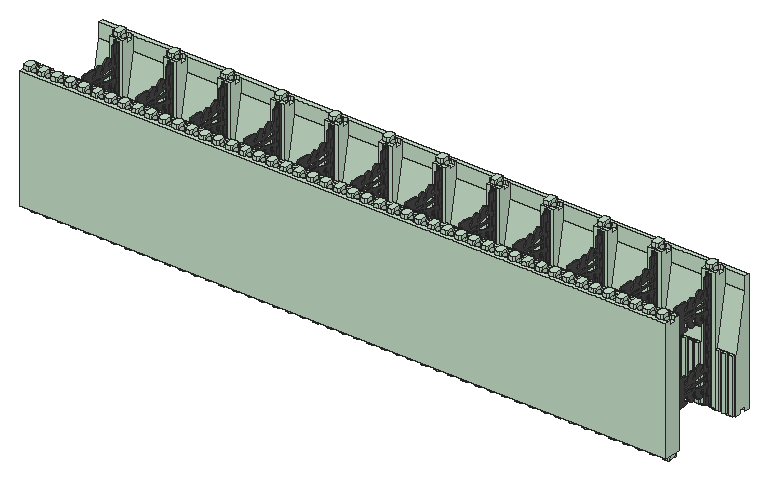
Revit family "ICF- NUDURA 10-inch- Single Sided Taper Top- Imperial", category Generic Models, Revit 2010
Parameters (values of type "Standard 6" Form Unit")
  Core Thickness = 0' - 6"
Reference planes (in)
  plane 1 "Center (Front/Back)": y = -2
  plane 2: z = 0
  plane 3 "Center (Left/Right)": x = 0
  plane 4: x = 96
  plane 5: y = 3
  plane 6: y = -7
  plane 7: y = 5.625
  plane 8: y = -9.625
  plane 9: z = 18
  plane 10: z = 18.5
  plane 11: z = -0.5
Forms (in)
  Extrusion 1, solid, material "NUDURA Expanded Polystyrene Foam Insulation"
    sketch origin (0, -4, 0) x (1, 0, 0) y (0, 1, 0)
      loop
        line (0.28117, -3.25) -> (0, -3.25) -> (0, -5.625) -> (96, -5.625) -> (96, -3.25) -> (95.71883, -3.25) -> (95.78117, -3) -> (95.21883, -3) -> (95.28117, -3.25) -> (94.71883, -3.25) -> (94.78117, -3) -> (94.21883, -3) -> (94.28117, -3.25) -> (93.71883, -3.25) -> (93.78117, -3) -> (93.21883, -3) -> (93.28117, -3.25) -> (90.71883, -3.25) -> (90.78117, -3) -> (90.21883, -3) -> (90.28117, -3.25) -> (89.71883, -3.25) -> (89.78117, -3) -> (89.21883, -3) -> (89.28117, -3.25) -> (88.71883, -3.25) -> (88.78117, -3) -> (88.21883, -3) -> (88.28117, -3.25) -> (87.71883, -3.25) -> (87.78117, -3) -> (87.21883, -3) -> (87.28117, -3.25) -> (86.71883, -3.25) -> (86.78117, -3) -> (86.21883, -3) -> (86.28117, -3.25) -> (85.71883, -3.25) -> (85.78117, -3) -> (85.21883, -3) -> (85.28117, -3.25) -> (82.71883, -3.25) -> (82.78117, -3) -> (82.21883, -3) -> (82.28117, -3.25) -> (81.71883, -3.25) -> (81.78117, -3) -> (81.21883, -3) -> (81.28117, -3.25) -> (80.71883, -3.25) -> (80.78117, -3) -> (80.21883, -3) -> (80.28117, -3.25) -> (79.71883, -3.25) -> (79.78117, -3) -> (79.21883, -3) -> (79.28117, -3.25) -> (78.71883, -3.25) -> (78.78117, -3) -> (78.21883, -3) -> (78.28117, -3.25) -> (77.71883, -3.25) -> (77.78117, -3) -> (77.21883, -3) -> (77.28117, -3.25) -> (74.71883, -3.25) -> (74.78117, -3) -> (74.21883, -3) -> (74.28117, -3.25) -> (73.71883, -3.25) -> (73.78117, -3) -> (73.21883, -3) -> (73.28117, -3.25) -> (72.71883, -3.25) -> (72.78117, -3) -> (72.21883, -3) -> (72.28117, -3.25) -> (71.71883, -3.25) -> (71.78117, -3) -> (71.21883, -3) -> (71.28117, -3.25) -> (70.71883, -3.25) -> (70.78117, -3) -> (70.21883, -3) -> (70.28117, -3.25) -> (69.71883, -3.25) -> (69.78117, -3) -> (69.21883, -3) -> (69.28117, -3.25) -> (66.71883, -3.25) -> (66.78117, -3) -> (66.21883, -3) -> (66.28117, -3.25) -> (65.71883, -3.25) -> (65.78117, -3) -> (65.21883, -3) -> (65.28117, -3.25) -> (64.71883, -3.25) -> (64.78117, -3) -> (64.21883, -3) -> (64.28117, -3.25) -> (63.71883, -3.25) -> (63.78117, -3) -> (63.21883, -3) -> (63.28117, -3.25) -> (62.71883, -3.25) -> (62.78117, -3) -> (62.21883, -3) -> (62.28117, -3.25) -> (61.71883, -3.25) -> (61.78117, -3) -> (61.21883, -3) -> (61.28117, -3.25) -> (58.71883, -3.25) -> (58.78117, -3) -> (58.21883, -3) -> (58.28117, -3.25) -> (57.71883, -3.25) -> (57.78117, -3) -> (57.21883, -3) -> (57.28117, -3.25) -> (56.71883, -3.25) -> (56.78117, -3) -> (56.21883, -3) -> (56.28117, -3.25) -> (55.71883, -3.25) -> (55.78117, -3) -> (55.21883, -3) -> (55.28117, -3.25) -> (54.71883, -3.25) -> (54.78117, -3) -> (54.21883, -3) -> (54.28117, -3.25) -> (53.71883, -3.25) -> (53.78117, -3) -> (53.21883, -3) -> (53.28117, -3.25) -> (50.71883, -3.25) -> (50.78117, -3) -> (50.21883, -3) -> (50.28117, -3.25) -> (49.71883, -3.25) -> (49.78117, -3) -> (49.21883, -3) -> (49.28117, -3.25) -> (48.71883, -3.25) -> (48.78117, -3) -> (48.21883, -3) -> (48.28117, -3.25) -> (47.71883, -3.25) -> (47.78117, -3) -> (47.21883, -3) -> (47.28117, -3.25) -> (46.71883, -3.25) -> (46.78117, -3) -> (46.21883, -3) -> (46.28117, -3.25) -> (45.71883, -3.25) -> (45.78117, -3) -> (45.21883, -3) -> (45.28117, -3.25) -> (42.71883, -3.25) -> (42.78117, -3) -> (42.21883, -3) -> (42.28117, -3.25) -> (41.71883, -3.25) -> (41.78117, -3) -> (41.21883, -3) -> (41.28117, -3.25) -> (40.71883, -3.25) -> (40.78117, -3) -> (40.21883, -3) -> (40.28117, -3.25) -> (39.71883, -3.25) -> (39.78117, -3) -> (39.21883, -3) -> (39.28117, -3.25) -> (38.71883, -3.25) -> (38.78117, -3) -> (38.21883, -3) -> (38.28117, -3.25) -> (37.71883, -3.25) -> (37.78117, -3) -> (37.21883, -3) -> (37.28117, -3.25) -> (34.71883, -3.25) -> (34.78117, -3) -> (34.21883, -3) -> (34.28117, -3.25) -> (33.71883, -3.25) -> (33.78117, -3) -> (33.21883, -3) -> (33.28117, -3.25) -> (32.71883, -3.25) -> (32.78117, -3) -> (32.21883, -3) -> (32.28117, -3.25) -> (31.71883, -3.25) -> (31.78117, -3) -> (31.21883, -3) -> (31.28117, -3.25) -> (30.71883, -3.25) -> (30.78117, -3) -> (30.21883, -3) -> (30.28117, -3.25) -> (29.71883, -3.25) -> (29.78117, -3) -> (29.21883, -3) -> (29.28117, -3.25) -> (26.71883, -3.25) -> (26.78117, -3) -> (26.21883, -3) -> (26.28117, -3.25) -> (25.71883, -3.25) -> (25.78117, -3) -> (25.21883, -3) -> (25.28117, -3.25) -> (24.71883, -3.25) -> (24.78117, -3) -> (24.21883, -3) -> (24.28117, -3.25) -> (23.71883, -3.25) -> (23.78117, -3) -> (23.21883, -3) -> (23.28117, -3.25) -> (22.71883, -3.25) -> (22.78117, -3) -> (22.21883, -3) -> (22.28117, -3.25) -> (21.71883, -3.25) -> (21.78117, -3) -> (21.21883, -3) -> (21.28117, -3.25) -> (18.71883, -3.25) -> (18.78117, -3) -> (18.21883, -3) -> (18.28117, -3.25) -> (17.71883, -3.25) -> (17.78117, -3) -> (17.21883, -3) -> (17.28117, -3.25) -> (16.71883, -3.25) -> (16.78117, -3) -> (16.21883, -3) -> (16.28117, -3.25) -> (15.71883, -3.25) -> (15.78117, -3) -> (15.21883, -3) -> (15.28117, -3.25) -> (14.71883, -3.25) -> (14.78117, -3) -> (14.21883, -3) -> (14.28117, -3.25) -> (13.71883, -3.25) -> (13.78117, -3) -> (13.21883, -3) -> (13.28117, -3.25) -> (10.71883, -3.25) -> (10.78117, -3) -> (10.21883, -3) -> (10.28117, -3.25) -> (9.71883, -3.25) -> (9.78117, -3) -> (9.21883, -3) -> (9.28117, -3.25) -> (8.71883, -3.25) -> (8.78117, -3) -> (8.21883, -3) -> (8.28117, -3.25) -> (7.71883, -3.25) -> (7.78117, -3) -> (7.21883, -3) -> (7.28117, -3.25) -> (6.71883, -3.25) -> (6.78117, -3) -> (6.21883, -3) -> (6.28117, -3.25) -> (5.71883, -3.25) -> (5.78117, -3) -> (5.21883, -3) -> (5.28117, -3.25) -> (2.71883, -3.25) -> (2.78117, -3) -> (2.21883, -3) -> (2.28117, -3.25) -> (1.71883, -3.25) -> (1.78117, -3) -> (1.21883, -3) -> (1.28117, -3.25) -> (0.71883, -3.25) -> (0.78117, -3) -> (0.21883, -3) -> (0.28117, -3.25)
    from 0 to 18
  Extrusion 2, void
    sketch origin (0, -4, 0) x (1, 0, 0) y (0, 1, 0)
      loop
        arc (1, -4.89808) -> (1.04785, -5.04517) -> (1.17308, -5.13595) r 0.25
        arc (1.17308, -5.13595) -> (1.5, -5.1875) -> (1.82692, -5.13595) r 1.0625
        arc (1.82692, -5.13595) -> (1.95215, -5.04517) -> (2, -4.89808) r 0.25
        line (2, -4.89808) -> (2, -3.97692)
        arc (2, -3.97692) -> (1.98276, -3.88568) -> (1.9334, -3.80702) r 0.25
        arc (1.9334, -3.80702) -> (1.92106, -3.78736) -> (1.91675, -3.76455) r 0.0625
        line (1.91675, -3.76455) -> (1.91675, -3.41845) -> (1.74592, -3.41845) -> (1.74592, -3.64005)
        arc (1.74592, -3.64005) -> (1.72385, -3.68771) -> (1.67323, -3.70172) r 0.0625
        arc (1.67323, -3.70172) -> (1.42092, -3.69045) -> (1.17308, -3.73905) r 1.0625
        arc (1.17308, -3.73905) -> (1.04785, -3.82983) -> (1, -3.97692) r 0.25
        line (1, -3.97692) -> (1, -4.89808)
    from 18 to 17.5
  Extrusion 3, void
    sketch origin (2, -4, 0) x (1, 0, 0) y (0, 1, 0)
      loop
        arc (1, -4.89808) -> (1.04785, -5.04517) -> (1.17308, -5.13595) r 0.25
        arc (1.17308, -5.13595) -> (1.5, -5.1875) -> (1.82692, -5.13595) r 1.0625
        arc (1.82692, -5.13595) -> (1.95215, -5.04517) -> (2, -4.89808) r 0.25
        line (2, -4.89808) -> (2, -3.97692)
        arc (2, -3.97692) -> (1.98276, -3.88568) -> (1.9334, -3.80702) r 0.25
        arc (1.9334, -3.80702) -> (1.92106, -3.78736) -> (1.91675, -3.76455) r 0.0625
        line (1.91675, -3.76455) -> (1.91675, -3.41845) -> (1.74592, -3.41845) -> (1.74592, -3.64005)
        arc (1.74592, -3.64005) -> (1.72385, -3.68771) -> (1.67323, -3.70172) r 0.0625
        arc (1.67323, -3.70172) -> (1.42092, -3.69045) -> (1.17308, -3.73905) r 1.0625
        arc (1.17308, -3.73905) -> (1.04785, -3.82983) -> (1, -3.97692) r 0.25
        line (1, -3.97692) -> (1, -4.89808)
    from 18 to 17.5
  Extrusion 4, void
    sketch origin (4, -4, 0) x (1, 0, 0) y (0, 1, 0)
      loop
        arc (1, -4.89808) -> (1.04785, -5.04517) -> (1.17308, -5.13595) r 0.25
        arc (1.17308, -5.13595) -> (1.5, -5.1875) -> (1.82692, -5.13595) r 1.0625
        arc (1.82692, -5.13595) -> (1.95215, -5.04517) -> (2, -4.89808) r 0.25
        line (2, -4.89808) -> (2, -3.97692)
        arc (2, -3.97692) -> (1.98276, -3.88568) -> (1.9334, -3.80702) r 0.25
        arc (1.9334, -3.80702) -> (1.92106, -3.78736) -> (1.91675, -3.76455) r 0.0625
        line (1.91675, -3.76455) -> (1.91675, -3.41845) -> (1.74592, -3.41845) -> (1.74592, -3.64005)
        arc (1.74592, -3.64005) -> (1.72385, -3.68771) -> (1.67323, -3.70172) r 0.0625
        arc (1.67323, -3.70172) -> (1.42092, -3.69045) -> (1.17308, -3.73905) r 1.0625
        arc (1.17308, -3.73905) -> (1.04785, -3.82983) -> (1, -3.97692) r 0.25
        line (1, -3.97692) -> (1, -4.89808)
    from 18 to 17.5
  Extrusion 5, void
    sketch origin (6, -4, 0) x (1, 0, 0) y (0, 1, 0)
      loop
        arc (1, -4.89808) -> (1.04785, -5.04517) -> (1.17308, -5.13595) r 0.25
        arc (1.17308, -5.13595) -> (1.5, -5.1875) -> (1.82692, -5.13595) r 1.0625
        arc (1.82692, -5.13595) -> (1.95215, -5.04517) -> (2, -4.89808) r 0.25
        line (2, -4.89808) -> (2, -3.97692)
        arc (2, -3.97692) -> (1.98276, -3.88568) -> (1.9334, -3.80702) r 0.25
        arc (1.9334, -3.80702) -> (1.92106, -3.78736) -> (1.91675, -3.76455) r 0.0625
        line (1.91675, -3.76455) -> (1.91675, -3.41845) -> (1.74592, -3.41845) -> (1.74592, -3.64005)
        arc (1.74592, -3.64005) -> (1.72385, -3.68771) -> (1.67323, -3.70172) r 0.0625
        arc (1.67323, -3.70172) -> (1.42092, -3.69045) -> (1.17308, -3.73905) r 1.0625
        arc (1.17308, -3.73905) -> (1.04785, -3.82983) -> (1, -3.97692) r 0.25
        line (1, -3.97692) -> (1, -4.89808)
    from 18 to 17.5
  Extrusion 6, void
    sketch origin (8, -4, 0) x (1, 0, 0) y (0, 1, 0)
      loop
        arc (1, -4.89808) -> (1.04785, -5.04517) -> (1.17308, -5.13595) r 0.25
        arc (1.17308, -5.13595) -> (1.5, -5.1875) -> (1.82692, -5.13595) r 1.0625
        arc (1.82692, -5.13595) -> (1.95215, -5.04517) -> (2, -4.89808) r 0.25
        line (2, -4.89808) -> (2, -3.97692)
        arc (2, -3.97692) -> (1.98276, -3.88568) -> (1.9334, -3.80702) r 0.25
        arc (1.9334, -3.80702) -> (1.92106, -3.78736) -> (1.91675, -3.76455) r 0.0625
        line (1.91675, -3.76455) -> (1.91675, -3.41845) -> (1.74592, -3.41845) -> (1.74592, -3.64005)
        arc (1.74592, -3.64005) -> (1.72385, -3.68771) -> (1.67323, -3.70172) r 0.0625
        arc (1.67323, -3.70172) -> (1.42092, -3.69045) -> (1.17308, -3.73905) r 1.0625
        arc (1.17308, -3.73905) -> (1.04785, -3.82983) -> (1, -3.97692) r 0.25
        line (1, -3.97692) -> (1, -4.89808)
    from 18 to 17.5
  Extrusion 7, void
    sketch origin (10, -4, 0) x (1, 0, 0) y (0, 1, 0)
      loop
        arc (1, -4.89808) -> (1.04785, -5.04517) -> (1.17308, -5.13595) r 0.25
        arc (1.17308, -5.13595) -> (1.5, -5.1875) -> (1.82692, -5.13595) r 1.0625
        arc (1.82692, -5.13595) -> (1.95215, -5.04517) -> (2, -4.89808) r 0.25
        line (2, -4.89808) -> (2, -3.97692)
        arc (2, -3.97692) -> (1.98276, -3.88568) -> (1.9334, -3.80702) r 0.25
        arc (1.9334, -3.80702) -> (1.92106, -3.78736) -> (1.91675, -3.76455) r 0.0625
        line (1.91675, -3.76455) -> (1.91675, -3.41845) -> (1.74592, -3.41845) -> (1.74592, -3.64005)
        arc (1.74592, -3.64005) -> (1.72385, -3.68771) -> (1.67323, -3.70172) r 0.0625
        arc (1.67323, -3.70172) -> (1.42092, -3.69045) -> (1.17308, -3.73905) r 1.0625
        arc (1.17308, -3.73905) -> (1.04785, -3.82983) -> (1, -3.97692) r 0.25
        line (1, -3.97692) -> (1, -4.89808)
    from 18 to 17.5
  Extrusion 8, void
    sketch origin (12, -4, 0) x (1, 0, 0) y (0, 1, 0)
      loop
        arc (1, -4.89808) -> (1.04785, -5.04517) -> (1.17308, -5.13595) r 0.25
        arc (1.17308, -5.13595) -> (1.5, -5.1875) -> (1.82692, -5.13595) r 1.0625
        arc (1.82692, -5.13595) -> (1.95215, -5.04517) -> (2, -4.89808) r 0.25
        line (2, -4.89808) -> (2, -3.97692)
        arc (2, -3.97692) -> (1.98276, -3.88568) -> (1.9334, -3.80702) r 0.25
        arc (1.9334, -3.80702) -> (1.92106, -3.78736) -> (1.91675, -3.76455) r 0.0625
        line (1.91675, -3.76455) -> (1.91675, -3.41845) -> (1.74592, -3.41845) -> (1.74592, -3.64005)
        arc (1.74592, -3.64005) -> (1.72385, -3.68771) -> (1.67323, -3.70172) r 0.0625
        arc (1.67323, -3.70172) -> (1.42092, -3.69045) -> (1.17308, -3.73905) r 1.0625
        arc (1.17308, -3.73905) -> (1.04785, -3.82983) -> (1, -3.97692) r 0.25
        line (1, -3.97692) -> (1, -4.89808)
    from 18 to 17.5
  Extrusion 9, void
    sketch origin (14, -4, 0) x (1, 0, 0) y (0, 1, 0)
      loop
        arc (1, -4.89808) -> (1.04785, -5.04517) -> (1.17308, -5.13595) r 0.25
        arc (1.17308, -5.13595) -> (1.5, -5.1875) -> (1.82692, -5.13595) r 1.0625
        arc (1.82692, -5.13595) -> (1.95215, -5.04517) -> (2, -4.89808) r 0.25
        line (2, -4.89808) -> (2, -3.97692)
        arc (2, -3.97692) -> (1.98276, -3.88568) -> (1.9334, -3.80702) r 0.25
        arc (1.9334, -3.80702) -> (1.92106, -3.78736) -> (1.91675, -3.76455) r 0.0625
        line (1.91675, -3.76455) -> (1.91675, -3.41845) -> (1.74592, -3.41845) -> (1.74592, -3.64005)
        arc (1.74592, -3.64005) -> (1.72385, -3.68771) -> (1.67323, -3.70172) r 0.0625
        arc (1.67323, -3.70172) -> (1.42092, -3.69045) -> (1.17308, -3.73905) r 1.0625
        arc (1.17308, -3.73905) -> (1.04785, -3.82983) -> (1, -3.97692) r 0.25
        line (1, -3.97692) -> (1, -4.89808)
    from 18 to 17.5
  Extrusion 10, void
    sketch origin (16, -4, 0) x (1, 0, 0) y (0, 1, 0)
      loop
        arc (1, -4.89808) -> (1.04785, -5.04517) -> (1.17308, -5.13595) r 0.25
        arc (1.17308, -5.13595) -> (1.5, -5.1875) -> (1.82692, -5.13595) r 1.0625
        arc (1.82692, -5.13595) -> (1.95215, -5.04517) -> (2, -4.89808) r 0.25
        line (2, -4.89808) -> (2, -3.97692)
        arc (2, -3.97692) -> (1.98276, -3.88568) -> (1.9334, -3.80702) r 0.25
        arc (1.9334, -3.80702) -> (1.92106, -3.78736) -> (1.91675, -3.76455) r 0.0625
        line (1.91675, -3.76455) -> (1.91675, -3.41845) -> (1.74592, -3.41845) -> (1.74592, -3.64005)
        arc (1.74592, -3.64005) -> (1.72385, -3.68771) -> (1.67323, -3.70172) r 0.0625
        arc (1.67323, -3.70172) -> (1.42092, -3.69045) -> (1.17308, -3.73905) r 1.0625
        arc (1.17308, -3.73905) -> (1.04785, -3.82983) -> (1, -3.97692) r 0.25
        line (1, -3.97692) -> (1, -4.89808)
    from 18 to 17.5
  Extrusion 11, void
    sketch origin (18, -4, 0) x (1, 0, 0) y (0, 1, 0)
      loop
        arc (1, -4.89808) -> (1.04785, -5.04517) -> (1.17308, -5.13595) r 0.25
        arc (1.17308, -5.13595) -> (1.5, -5.1875) -> (1.82692, -5.13595) r 1.0625
        arc (1.82692, -5.13595) -> (1.95215, -5.04517) -> (2, -4.89808) r 0.25
        line (2, -4.89808) -> (2, -3.97692)
        arc (2, -3.97692) -> (1.98276, -3.88568) -> (1.9334, -3.80702) r 0.25
        arc (1.9334, -3.80702) -> (1.92106, -3.78736) -> (1.91675, -3.76455) r 0.0625
        line (1.91675, -3.76455) -> (1.91675, -3.41845) -> (1.74592, -3.41845) -> (1.74592, -3.64005)
        arc (1.74592, -3.64005) -> (1.72385, -3.68771) -> (1.67323, -3.70172) r 0.0625
        arc (1.67323, -3.70172) -> (1.42092, -3.69045) -> (1.17308, -3.73905) r 1.0625
        arc (1.17308, -3.73905) -> (1.04785, -3.82983) -> (1, -3.97692) r 0.25
        line (1, -3.97692) -> (1, -4.89808)
    from 18 to 17.5
  Extrusion 12, void
    sketch origin (20, -4, 0) x (1, 0, 0) y (0, 1, 0)
      loop
        arc (1, -4.89808) -> (1.04785, -5.04517) -> (1.17308, -5.13595) r 0.25
        arc (1.17308, -5.13595) -> (1.5, -5.1875) -> (1.82692, -5.13595) r 1.0625
        arc (1.82692, -5.13595) -> (1.95215, -5.04517) -> (2, -4.89808) r 0.25
        line (2, -4.89808) -> (2, -3.97692)
        arc (2, -3.97692) -> (1.98276, -3.88568) -> (1.9334, -3.80702) r 0.25
        arc (1.9334, -3.80702) -> (1.92106, -3.78736) -> (1.91675, -3.76455) r 0.0625
        line (1.91675, -3.76455) -> (1.91675, -3.41845) -> (1.74592, -3.41845) -> (1.74592, -3.64005)
        arc (1.74592, -3.64005) -> (1.72385, -3.68771) -> (1.67323, -3.70172) r 0.0625
        arc (1.67323, -3.70172) -> (1.42092, -3.69045) -> (1.17308, -3.73905) r 1.0625
        arc (1.17308, -3.73905) -> (1.04785, -3.82983) -> (1, -3.97692) r 0.25
        line (1, -3.97692) -> (1, -4.89808)
    from 18 to 17.5
  Extrusion 13, void
    sketch origin (22, -4, 0) x (1, 0, 0) y (0, 1, 0)
      loop
        arc (1, -4.89808) -> (1.04785, -5.04517) -> (1.17308, -5.13595) r 0.25
        arc (1.17308, -5.13595) -> (1.5, -5.1875) -> (1.82692, -5.13595) r 1.0625
        arc (1.82692, -5.13595) -> (1.95215, -5.04517) -> (2, -4.89808) r 0.25
        line (2, -4.89808) -> (2, -3.97692)
        arc (2, -3.97692) -> (1.98276, -3.88568) -> (1.9334, -3.80702) r 0.25
        arc (1.9334, -3.80702) -> (1.92106, -3.78736) -> (1.91675, -3.76455) r 0.0625
        line (1.91675, -3.76455) -> (1.91675, -3.41845) -> (1.74592, -3.41845) -> (1.74592, -3.64005)
        arc (1.74592, -3.64005) -> (1.72385, -3.68771) -> (1.67323, -3.70172) r 0.0625
        arc (1.67323, -3.70172) -> (1.42092, -3.69045) -> (1.17308, -3.73905) r 1.0625
        arc (1.17308, -3.73905) -> (1.04785, -3.82983) -> (1, -3.97692) r 0.25
        line (1, -3.97692) -> (1, -4.89808)
    from 18 to 17.5
  Extrusion 14, void
    sketch origin (24, -4, 0) x (1, 0, 0) y (0, 1, 0)
      loop
        arc (1, -4.89808) -> (1.04785, -5.04517) -> (1.17308, -5.13595) r 0.25
        arc (1.17308, -5.13595) -> (1.5, -5.1875) -> (1.82692, -5.13595) r 1.0625
        arc (1.82692, -5.13595) -> (1.95215, -5.04517) -> (2, -4.89808) r 0.25
        line (2, -4.89808) -> (2, -3.97692)
        arc (2, -3.97692) -> (1.98276, -3.88568) -> (1.9334, -3.80702) r 0.25
        arc (1.9334, -3.80702) -> (1.92106, -3.78736) -> (1.91675, -3.76455) r 0.0625
        line (1.91675, -3.76455) -> (1.91675, -3.41845) -> (1.74592, -3.41845) -> (1.74592, -3.64005)
        arc (1.74592, -3.64005) -> (1.72385, -3.68771) -> (1.67323, -3.70172) r 0.0625
        arc (1.67323, -3.70172) -> (1.42092, -3.69045) -> (1.17308, -3.73905) r 1.0625
        arc (1.17308, -3.73905) -> (1.04785, -3.82983) -> (1, -3.97692) r 0.25
        line (1, -3.97692) -> (1, -4.89808)
    from 18 to 17.5
  Extrusion 15, void
    sketch origin (26, -4, 0) x (1, 0, 0) y (0, 1, 0)
      loop
        arc (1, -4.89808) -> (1.04785, -5.04517) -> (1.17308, -5.13595) r 0.25
        arc (1.17308, -5.13595) -> (1.5, -5.1875) -> (1.82692, -5.13595) r 1.0625
        arc (1.82692, -5.13595) -> (1.95215, -5.04517) -> (2, -4.89808) r 0.25
        line (2, -4.89808) -> (2, -3.97692)
        arc (2, -3.97692) -> (1.98276, -3.88568) -> (1.9334, -3.80702) r 0.25
        arc (1.9334, -3.80702) -> (1.92106, -3.78736) -> (1.91675, -3.76455) r 0.0625
        line (1.91675, -3.76455) -> (1.91675, -3.41845) -> (1.74592, -3.41845) -> (1.74592, -3.64005)
        arc (1.74592, -3.64005) -> (1.72385, -3.68771) -> (1.67323, -3.70172) r 0.0625
        arc (1.67323, -3.70172) -> (1.42092, -3.69045) -> (1.17308, -3.73905) r 1.0625
        arc (1.17308, -3.73905) -> (1.04785, -3.82983) -> (1, -3.97692) r 0.25
        line (1, -3.97692) -> (1, -4.89808)
    from 18 to 17.5
  Extrusion 16, void
    sketch origin (28, -4, 0) x (1, 0, 0) y (0, 1, 0)
      loop
        arc (1, -4.89808) -> (1.04785, -5.04517) -> (1.17308, -5.13595) r 0.25
        arc (1.17308, -5.13595) -> (1.5, -5.1875) -> (1.82692, -5.13595) r 1.0625
        arc (1.82692, -5.13595) -> (1.95215, -5.04517) -> (2, -4.89808) r 0.25
        line (2, -4.89808) -> (2, -3.97692)
        arc (2, -3.97692) -> (1.98276, -3.88568) -> (1.9334, -3.80702) r 0.25
        arc (1.9334, -3.80702) -> (1.92106, -3.78736) -> (1.91675, -3.76455) r 0.0625
        line (1.91675, -3.76455) -> (1.91675, -3.41845) -> (1.74592, -3.41845) -> (1.74592, -3.64005)
        arc (1.74592, -3.64005) -> (1.72385, -3.68771) -> (1.67323, -3.70172) r 0.0625
        arc (1.67323, -3.70172) -> (1.42092, -3.69045) -> (1.17308, -3.73905) r 1.0625
        arc (1.17308, -3.73905) -> (1.04785, -3.82983) -> (1, -3.97692) r 0.25
        line (1, -3.97692) -> (1, -4.89808)
    from 18 to 17.5
  Extrusion 17, void
    sketch origin (30, -4, 0) x (1, 0, 0) y (0, 1, 0)
      loop
        arc (1, -4.89808) -> (1.04785, -5.04517) -> (1.17308, -5.13595) r 0.25
        arc (1.17308, -5.13595) -> (1.5, -5.1875) -> (1.82692, -5.13595) r 1.0625
        arc (1.82692, -5.13595) -> (1.95215, -5.04517) -> (2, -4.89808) r 0.25
        line (2, -4.89808) -> (2, -3.97692)
        arc (2, -3.97692) -> (1.98276, -3.88568) -> (1.9334, -3.80702) r 0.25
        arc (1.9334, -3.80702) -> (1.92106, -3.78736) -> (1.91675, -3.76455) r 0.0625
        line (1.91675, -3.76455) -> (1.91675, -3.41845) -> (1.74592, -3.41845) -> (1.74592, -3.64005)
        arc (1.74592, -3.64005) -> (1.72385, -3.68771) -> (1.67323, -3.70172) r 0.0625
        arc (1.67323, -3.70172) -> (1.42092, -3.69045) -> (1.17308, -3.73905) r 1.0625
        arc (1.17308, -3.73905) -> (1.04785, -3.82983) -> (1, -3.97692) r 0.25
        line (1, -3.97692) -> (1, -4.89808)
    from 18 to 17.5
  Extrusion 18, void
    sketch origin (32, -4, 0) x (1, 0, 0) y (0, 1, 0)
      loop
        arc (1, -4.89808) -> (1.04785, -5.04517) -> (1.17308, -5.13595) r 0.25
        arc (1.17308, -5.13595) -> (1.5, -5.1875) -> (1.82692, -5.13595) r 1.0625
        arc (1.82692, -5.13595) -> (1.95215, -5.04517) -> (2, -4.89808) r 0.25
        line (2, -4.89808) -> (2, -3.97692)
        arc (2, -3.97692) -> (1.98276, -3.88568) -> (1.9334, -3.80702) r 0.25
        arc (1.9334, -3.80702) -> (1.92106, -3.78736) -> (1.91675, -3.76455) r 0.0625
        line (1.91675, -3.76455) -> (1.91675, -3.41845) -> (1.74592, -3.41845) -> (1.74592, -3.64005)
        arc (1.74592, -3.64005) -> (1.72385, -3.68771) -> (1.67323, -3.70172) r 0.0625
        arc (1.67323, -3.70172) -> (1.42092, -3.69045) -> (1.17308, -3.73905) r 1.0625
        arc (1.17308, -3.73905) -> (1.04785, -3.82983) -> (1, -3.97692) r 0.25
        line (1, -3.97692) -> (1, -4.89808)
    from 18 to 17.5
  Extrusion 19, void
    sketch origin (34, -4, 0) x (1, 0, 0) y (0, 1, 0)
      loop
        arc (1, -4.89808) -> (1.04785, -5.04517) -> (1.17308, -5.13595) r 0.25
        arc (1.17308, -5.13595) -> (1.5, -5.1875) -> (1.82692, -5.13595) r 1.0625
        arc (1.82692, -5.13595) -> (1.95215, -5.04517) -> (2, -4.89808) r 0.25
        line (2, -4.89808) -> (2, -3.97692)
        arc (2, -3.97692) -> (1.98276, -3.88568) -> (1.9334, -3.80702) r 0.25
        arc (1.9334, -3.80702) -> (1.92106, -3.78736) -> (1.91675, -3.76455) r 0.0625
        line (1.91675, -3.76455) -> (1.91675, -3.41845) -> (1.74592, -3.41845) -> (1.74592, -3.64005)
        arc (1.74592, -3.64005) -> (1.72385, -3.68771) -> (1.67323, -3.70172) r 0.0625
        arc (1.67323, -3.70172) -> (1.42092, -3.69045) -> (1.17308, -3.73905) r 1.0625
        arc (1.17308, -3.73905) -> (1.04785, -3.82983) -> (1, -3.97692) r 0.25
        line (1, -3.97692) -> (1, -4.89808)
    from 18 to 17.5
  Extrusion 20, void
    sketch origin (36, -4, 0) x (1, 0, 0) y (0, 1, 0)
      loop
        arc (1, -4.89808) -> (1.04785, -5.04517) -> (1.17308, -5.13595) r 0.25
        arc (1.17308, -5.13595) -> (1.5, -5.1875) -> (1.82692, -5.13595) r 1.0625
        arc (1.82692, -5.13595) -> (1.95215, -5.04517) -> (2, -4.89808) r 0.25
        line (2, -4.89808) -> (2, -3.97692)
        arc (2, -3.97692) -> (1.98276, -3.88568) -> (1.9334, -3.80702) r 0.25
        arc (1.9334, -3.80702) -> (1.92106, -3.78736) -> (1.91675, -3.76455) r 0.0625
        line (1.91675, -3.76455) -> (1.91675, -3.41845) -> (1.74592, -3.41845) -> (1.74592, -3.64005)
        arc (1.74592, -3.64005) -> (1.72385, -3.68771) -> (1.67323, -3.70172) r 0.0625
        arc (1.67323, -3.70172) -> (1.42092, -3.69045) -> (1.17308, -3.73905) r 1.0625
        arc (1.17308, -3.73905) -> (1.04785, -3.82983) -> (1, -3.97692) r 0.25
        line (1, -3.97692) -> (1, -4.89808)
    from 18 to 17.5
  Extrusion 21, void
    sketch origin (38, -4, 0) x (1, 0, 0) y (0, 1, 0)
      loop
        arc (1, -4.89808) -> (1.04785, -5.04517) -> (1.17308, -5.13595) r 0.25
        arc (1.17308, -5.13595) -> (1.5, -5.1875) -> (1.82692, -5.13595) r 1.0625
        arc (1.82692, -5.13595) -> (1.95215, -5.04517) -> (2, -4.89808) r 0.25
        line (2, -4.89808) -> (2, -3.97692)
        arc (2, -3.97692) -> (1.98276, -3.88568) -> (1.9334, -3.80702) r 0.25
        arc (1.9334, -3.80702) -> (1.92106, -3.78736) -> (1.91675, -3.76455) r 0.0625
        line (1.91675, -3.76455) -> (1.91675, -3.41845) -> (1.74592, -3.41845) -> (1.74592, -3.64005)
        arc (1.74592, -3.64005) -> (1.72385, -3.68771) -> (1.67323, -3.70172) r 0.0625
        arc (1.67323, -3.70172) -> (1.42092, -3.69045) -> (1.17308, -3.73905) r 1.0625
        arc (1.17308, -3.73905) -> (1.04785, -3.82983) -> (1, -3.97692) r 0.25
        line (1, -3.97692) -> (1, -4.89808)
    from 18 to 17.5
  Extrusion 22, void
    sketch origin (40, -4, 0) x (1, 0, 0) y (0, 1, 0)
      loop
        arc (1, -4.89808) -> (1.04785, -5.04517) -> (1.17308, -5.13595) r 0.25
        arc (1.17308, -5.13595) -> (1.5, -5.1875) -> (1.82692, -5.13595) r 1.0625
        arc (1.82692, -5.13595) -> (1.95215, -5.04517) -> (2, -4.89808) r 0.25
        line (2, -4.89808) -> (2, -3.97692)
        arc (2, -3.97692) -> (1.98276, -3.88568) -> (1.9334, -3.80702) r 0.25
        arc (1.9334, -3.80702) -> (1.92106, -3.78736) -> (1.91675, -3.76455) r 0.0625
        line (1.91675, -3.76455) -> (1.91675, -3.41845) -> (1.74592, -3.41845) -> (1.74592, -3.64005)
        arc (1.74592, -3.64005) -> (1.72385, -3.68771) -> (1.67323, -3.70172) r 0.0625
        arc (1.67323, -3.70172) -> (1.42092, -3.69045) -> (1.17308, -3.73905) r 1.0625
        arc (1.17308, -3.73905) -> (1.04785, -3.82983) -> (1, -3.97692) r 0.25
        line (1, -3.97692) -> (1, -4.89808)
    from 18 to 17.5
  Extrusion 23, void
    sketch origin (42, -4, 0) x (1, 0, 0) y (0, 1, 0)
      loop
        arc (1, -4.89808) -> (1.04785, -5.04517) -> (1.17308, -5.13595) r 0.25
        arc (1.17308, -5.13595) -> (1.5, -5.1875) -> (1.82692, -5.13595) r 1.0625
        arc (1.82692, -5.13595) -> (1.95215, -5.04517) -> (2, -4.89808) r 0.25
        line (2, -4.89808) -> (2, -3.97692)
        arc (2, -3.97692) -> (1.98276, -3.88568) -> (1.9334, -3.80702) r 0.25
        arc (1.9334, -3.80702) -> (1.92106, -3.78736) -> (1.91675, -3.76455) r 0.0625
        line (1.91675, -3.76455) -> (1.91675, -3.41845) -> (1.74592, -3.41845) -> (1.74592, -3.64005)
        arc (1.74592, -3.64005) -> (1.72385, -3.68771) -> (1.67323, -3.70172) r 0.0625
        arc (1.67323, -3.70172) -> (1.42092, -3.69045) -> (1.17308, -3.73905) r 1.0625
        arc (1.17308, -3.73905) -> (1.04785, -3.82983) -> (1, -3.97692) r 0.25
        line (1, -3.97692) -> (1, -4.89808)
    from 18 to 17.5
  Extrusion 24, void
    sketch origin (44, -4, 0) x (1, 0, 0) y (0, 1, 0)
      loop
        arc (1, -4.89808) -> (1.04785, -5.04517) -> (1.17308, -5.13595) r 0.25
        arc (1.17308, -5.13595) -> (1.5, -5.1875) -> (1.82692, -5.13595) r 1.0625
        arc (1.82692, -5.13595) -> (1.95215, -5.04517) -> (2, -4.89808) r 0.25
        line (2, -4.89808) -> (2, -3.97692)
        arc (2, -3.97692) -> (1.98276, -3.88568) -> (1.9334, -3.80702) r 0.25
        arc (1.9334, -3.80702) -> (1.92106, -3.78736) -> (1.91675, -3.76455) r 0.0625
        line (1.91675, -3.76455) -> (1.91675, -3.41845) -> (1.74592, -3.41845) -> (1.74592, -3.64005)
        arc (1.74592, -3.64005) -> (1.72385, -3.68771) -> (1.67323, -3.70172) r 0.0625
        arc (1.67323, -3.70172) -> (1.42092, -3.69045) -> (1.17308, -3.73905) r 1.0625
        arc (1.17308, -3.73905) -> (1.04785, -3.82983) -> (1, -3.97692) r 0.25
        line (1, -3.97692) -> (1, -4.89808)
    from 18 to 17.5
  Extrusion 25, void
    sketch origin (46, -4, 0) x (1, 0, 0) y (0, 1, 0)
      loop
        arc (1, -4.89808) -> (1.04785, -5.04517) -> (1.17308, -5.13595) r 0.25
        arc (1.17308, -5.13595) -> (1.5, -5.1875) -> (1.82692, -5.13595) r 1.0625
        arc (1.82692, -5.13595) -> (1.95215, -5.04517) -> (2, -4.89808) r 0.25
        line (2, -4.89808) -> (2, -3.97692)
        arc (2, -3.97692) -> (1.98276, -3.88568) -> (1.9334, -3.80702) r 0.25
        arc (1.9334, -3.80702) -> (1.92106, -3.78736) -> (1.91675, -3.76455) r 0.0625
        line (1.91675, -3.76455) -> (1.91675, -3.41845) -> (1.74592, -3.41845) -> (1.74592, -3.64005)
        arc (1.74592, -3.64005) -> (1.72385, -3.68771) -> (1.67323, -3.70172) r 0.0625
        arc (1.67323, -3.70172) -> (1.42092, -3.69045) -> (1.17308, -3.73905) r 1.0625
        arc (1.17308, -3.73905) -> (1.04785, -3.82983) -> (1, -3.97692) r 0.25
        line (1, -3.97692) -> (1, -4.89808)
    from 18 to 17.5
  Extrusion 26, void
    sketch origin (48, -4, 0) x (1, 0, 0) y (0, 1, 0)
      loop
        arc (1, -4.89808) -> (1.04785, -5.04517) -> (1.17308, -5.13595) r 0.25
        arc (1.17308, -5.13595) -> (1.5, -5.1875) -> (1.82692, -5.13595) r 1.0625
        arc (1.82692, -5.13595) -> (1.95215, -5.04517) -> (2, -4.89808) r 0.25
        line (2, -4.89808) -> (2, -3.97692)
        arc (2, -3.97692) -> (1.98276, -3.88568) -> (1.9334, -3.80702) r 0.25
        arc (1.9334, -3.80702) -> (1.92106, -3.78736) -> (1.91675, -3.76455) r 0.0625
        line (1.91675, -3.76455) -> (1.91675, -3.41845) -> (1.74592, -3.41845) -> (1.74592, -3.64005)
        arc (1.74592, -3.64005) -> (1.72385, -3.68771) -> (1.67323, -3.70172) r 0.0625
        arc (1.67323, -3.70172) -> (1.42092, -3.69045) -> (1.17308, -3.73905) r 1.0625
        arc (1.17308, -3.73905) -> (1.04785, -3.82983) -> (1, -3.97692) r 0.25
        line (1, -3.97692) -> (1, -4.89808)
    from 18 to 17.5
  Extrusion 27, void
    sketch origin (50, -4, 0) x (1, 0, 0) y (0, 1, 0)
      loop
        arc (1, -4.89808) -> (1.04785, -5.04517) -> (1.17308, -5.13595) r 0.25
        arc (1.17308, -5.13595) -> (1.5, -5.1875) -> (1.82692, -5.13595) r 1.0625
        arc (1.82692, -5.13595) -> (1.95215, -5.04517) -> (2, -4.89808) r 0.25
        line (2, -4.89808) -> (2, -3.97692)
        arc (2, -3.97692) -> (1.98276, -3.88568) -> (1.9334, -3.80702) r 0.25
        arc (1.9334, -3.80702) -> (1.92106, -3.78736) -> (1.91675, -3.76455) r 0.0625
        line (1.91675, -3.76455) -> (1.91675, -3.41845) -> (1.74592, -3.41845) -> (1.74592, -3.64005)
        arc (1.74592, -3.64005) -> (1.72385, -3.68771) -> (1.67323, -3.70172) r 0.0625
        arc (1.67323, -3.70172) -> (1.42092, -3.69045) -> (1.17308, -3.73905) r 1.0625
        arc (1.17308, -3.73905) -> (1.04785, -3.82983) -> (1, -3.97692) r 0.25
        line (1, -3.97692) -> (1, -4.89808)
    from 18 to 17.5
  Extrusion 28, void
    sketch origin (52, -4, 0) x (1, 0, 0) y (0, 1, 0)
      loop
        arc (1, -4.89808) -> (1.04785, -5.04517) -> (1.17308, -5.13595) r 0.25
        arc (1.17308, -5.13595) -> (1.5, -5.1875) -> (1.82692, -5.13595) r 1.0625
        arc (1.82692, -5.13595) -> (1.95215, -5.04517) -> (2, -4.89808) r 0.25
        line (2, -4.89808) -> (2, -3.97692)
        arc (2, -3.97692) -> (1.98276, -3.88568) -> (1.9334, -3.80702) r 0.25
        arc (1.9334, -3.80702) -> (1.92106, -3.78736) -> (1.91675, -3.76455) r 0.0625
        line (1.91675, -3.76455) -> (1.91675, -3.41845) -> (1.74592, -3.41845) -> (1.74592, -3.64005)
        arc (1.74592, -3.64005) -> (1.72385, -3.68771) -> (1.67323, -3.70172) r 0.0625
        arc (1.67323, -3.70172) -> (1.42092, -3.69045) -> (1.17308, -3.73905) r 1.0625
        arc (1.17308, -3.73905) -> (1.04785, -3.82983) -> (1, -3.97692) r 0.25
        line (1, -3.97692) -> (1, -4.89808)
    from 18 to 17.5
  Extrusion 29, void
    sketch origin (54, -4, 0) x (1, 0, 0) y (0, 1, 0)
      loop
        arc (1, -4.89808) -> (1.04785, -5.04517) -> (1.17308, -5.13595) r 0.25
        arc (1.17308, -5.13595) -> (1.5, -5.1875) -> (1.82692, -5.13595) r 1.0625
        arc (1.82692, -5.13595) -> (1.95215, -5.04517) -> (2, -4.89808) r 0.25
        line (2, -4.89808) -> (2, -3.97692)
        arc (2, -3.97692) -> (1.98276, -3.88568) -> (1.9334, -3.80702) r 0.25
        arc (1.9334, -3.80702) -> (1.92106, -3.78736) -> (1.91675, -3.76455) r 0.0625
        line (1.91675, -3.76455) -> (1.91675, -3.41845) -> (1.74592, -3.41845) -> (1.74592, -3.64005)
        arc (1.74592, -3.64005) -> (1.72385, -3.68771) -> (1.67323, -3.70172) r 0.0625
        arc (1.67323, -3.70172) -> (1.42092, -3.69045) -> (1.17308, -3.73905) r 1.0625
        arc (1.17308, -3.73905) -> (1.04785, -3.82983) -> (1, -3.97692) r 0.25
        line (1, -3.97692) -> (1, -4.89808)
    from 18 to 17.5
  Extrusion 30, void
    sketch origin (56, -4, 0) x (1, 0, 0) y (0, 1, 0)
      loop
        arc (1, -4.89808) -> (1.04785, -5.04517) -> (1.17308, -5.13595) r 0.25
        arc (1.17308, -5.13595) -> (1.5, -5.1875) -> (1.82692, -5.13595) r 1.0625
        arc (1.82692, -5.13595) -> (1.95215, -5.04517) -> (2, -4.89808) r 0.25
        line (2, -4.89808) -> (2, -3.97692)
        arc (2, -3.97692) -> (1.98276, -3.88568) -> (1.9334, -3.80702) r 0.25
        arc (1.9334, -3.80702) -> (1.92106, -3.78736) -> (1.91675, -3.76455) r 0.0625
        line (1.91675, -3.76455) -> (1.91675, -3.41845) -> (1.74592, -3.41845) -> (1.74592, -3.64005)
        arc (1.74592, -3.64005) -> (1.72385, -3.68771) -> (1.67323, -3.70172) r 0.0625
        arc (1.67323, -3.70172) -> (1.42092, -3.69045) -> (1.17308, -3.73905) r 1.0625
        arc (1.17308, -3.73905) -> (1.04785, -3.82983) -> (1, -3.97692) r 0.25
        line (1, -3.97692) -> (1, -4.89808)
    from 18 to 17.5
  Extrusion 31, void
    sketch origin (58, -4, 0) x (1, 0, 0) y (0, 1, 0)
      loop
        arc (1, -4.89808) -> (1.04785, -5.04517) -> (1.17308, -5.13595) r 0.25
        arc (1.17308, -5.13595) -> (1.5, -5.1875) -> (1.82692, -5.13595) r 1.0625
        arc (1.82692, -5.13595) -> (1.95215, -5.04517) -> (2, -4.89808) r 0.25
        line (2, -4.89808) -> (2, -3.97692)
        arc (2, -3.97692) -> (1.98276, -3.88568) -> (1.9334, -3.80702) r 0.25
        arc (1.9334, -3.80702) -> (1.92106, -3.78736) -> (1.91675, -3.76455) r 0.0625
        line (1.91675, -3.76455) -> (1.91675, -3.41845) -> (1.74592, -3.41845) -> (1.74592, -3.64005)
        arc (1.74592, -3.64005) -> (1.72385, -3.68771) -> (1.67323, -3.70172) r 0.0625
        arc (1.67323, -3.70172) -> (1.42092, -3.69045) -> (1.17308, -3.73905) r 1.0625
        arc (1.17308, -3.73905) -> (1.04785, -3.82983) -> (1, -3.97692) r 0.25
        line (1, -3.97692) -> (1, -4.89808)
    from 18 to 17.5
  Extrusion 32, void
    sketch origin (60, -4, 0) x (1, 0, 0) y (0, 1, 0)
      loop
        arc (1, -4.89808) -> (1.04785, -5.04517) -> (1.17308, -5.13595) r 0.25
        arc (1.17308, -5.13595) -> (1.5, -5.1875) -> (1.82692, -5.13595) r 1.0625
        arc (1.82692, -5.13595) -> (1.95215, -5.04517) -> (2, -4.89808) r 0.25
        line (2, -4.89808) -> (2, -3.97692)
        arc (2, -3.97692) -> (1.98276, -3.88568) -> (1.9334, -3.80702) r 0.25
        arc (1.9334, -3.80702) -> (1.92106, -3.78736) -> (1.91675, -3.76455) r 0.0625
        line (1.91675, -3.76455) -> (1.91675, -3.41845) -> (1.74592, -3.41845) -> (1.74592, -3.64005)
        arc (1.74592, -3.64005) -> (1.72385, -3.68771) -> (1.67323, -3.70172) r 0.0625
        arc (1.67323, -3.70172) -> (1.42092, -3.69045) -> (1.17308, -3.73905) r 1.0625
        arc (1.17308, -3.73905) -> (1.04785, -3.82983) -> (1, -3.97692) r 0.25
        line (1, -3.97692) -> (1, -4.89808)
    from 18 to 17.5
  Extrusion 33, void
    sketch origin (62, -4, 0) x (1, 0, 0) y (0, 1, 0)
      loop
        arc (1, -4.89808) -> (1.04785, -5.04517) -> (1.17308, -5.13595) r 0.25
        arc (1.17308, -5.13595) -> (1.5, -5.1875) -> (1.82692, -5.13595) r 1.0625
        arc (1.82692, -5.13595) -> (1.95215, -5.04517) -> (2, -4.89808) r 0.25
        line (2, -4.89808) -> (2, -3.97692)
        arc (2, -3.97692) -> (1.98276, -3.88568) -> (1.9334, -3.80702) r 0.25
        arc (1.9334, -3.80702) -> (1.92106, -3.78736) -> (1.91675, -3.76455) r 0.0625
        line (1.91675, -3.76455) -> (1.91675, -3.41845) -> (1.74592, -3.41845) -> (1.74592, -3.64005)
        arc (1.74592, -3.64005) -> (1.72385, -3.68771) -> (1.67323, -3.70172) r 0.0625
        arc (1.67323, -3.70172) -> (1.42092, -3.69045) -> (1.17308, -3.73905) r 1.0625
        arc (1.17308, -3.73905) -> (1.04785, -3.82983) -> (1, -3.97692) r 0.25
        line (1, -3.97692) -> (1, -4.89808)
    from 18 to 17.5
  Extrusion 34, void
    sketch origin (64, -4, 0) x (1, 0, 0) y (0, 1, 0)
      loop
        arc (1, -4.89808) -> (1.04785, -5.04517) -> (1.17308, -5.13595) r 0.25
        arc (1.17308, -5.13595) -> (1.5, -5.1875) -> (1.82692, -5.13595) r 1.0625
        arc (1.82692, -5.13595) -> (1.95215, -5.04517) -> (2, -4.89808) r 0.25
        line (2, -4.89808) -> (2, -3.97692)
        arc (2, -3.97692) -> (1.98276, -3.88568) -> (1.9334, -3.80702) r 0.25
        arc (1.9334, -3.80702) -> (1.92106, -3.78736) -> (1.91675, -3.76455) r 0.0625
        line (1.91675, -3.76455) -> (1.91675, -3.41845) -> (1.74592, -3.41845) -> (1.74592, -3.64005)
        arc (1.74592, -3.64005) -> (1.72385, -3.68771) -> (1.67323, -3.70172) r 0.0625
        arc (1.67323, -3.70172) -> (1.42092, -3.69045) -> (1.17308, -3.73905) r 1.0625
        arc (1.17308, -3.73905) -> (1.04785, -3.82983) -> (1, -3.97692) r 0.25
        line (1, -3.97692) -> (1, -4.89808)
    from 18 to 17.5
  Extrusion 35, void
    sketch origin (66, -4, 0) x (1, 0, 0) y (0, 1, 0)
      loop
        arc (1, -4.89808) -> (1.04785, -5.04517) -> (1.17308, -5.13595) r 0.25
        arc (1.17308, -5.13595) -> (1.5, -5.1875) -> (1.82692, -5.13595) r 1.0625
        arc (1.82692, -5.13595) -> (1.95215, -5.04517) -> (2, -4.89808) r 0.25
        line (2, -4.89808) -> (2, -3.97692)
        arc (2, -3.97692) -> (1.98276, -3.88568) -> (1.9334, -3.80702) r 0.25
        arc (1.9334, -3.80702) -> (1.92106, -3.78736) -> (1.91675, -3.76455) r 0.0625
        line (1.91675, -3.76455) -> (1.91675, -3.41845) -> (1.74592, -3.41845) -> (1.74592, -3.64005)
        arc (1.74592, -3.64005) -> (1.72385, -3.68771) -> (1.67323, -3.70172) r 0.0625
        arc (1.67323, -3.70172) -> (1.42092, -3.69045) -> (1.17308, -3.73905) r 1.0625
        arc (1.17308, -3.73905) -> (1.04785, -3.82983) -> (1, -3.97692) r 0.25
        line (1, -3.97692) -> (1, -4.89808)
    from 18 to 17.5
  Extrusion 36, void
    sketch origin (68, -4, 0) x (1, 0, 0) y (0, 1, 0)
      loop
        arc (1, -4.89808) -> (1.04785, -5.04517) -> (1.17308, -5.13595) r 0.25
        arc (1.17308, -5.13595) -> (1.5, -5.1875) -> (1.82692, -5.13595) r 1.0625
        arc (1.82692, -5.13595) -> (1.95215, -5.04517) -> (2, -4.89808) r 0.25
        line (2, -4.89808) -> (2, -3.97692)
        arc (2, -3.97692) -> (1.98276, -3.88568) -> (1.9334, -3.80702) r 0.25
        arc (1.9334, -3.80702) -> (1.92106, -3.78736) -> (1.91675, -3.76455) r 0.0625
        line (1.91675, -3.76455) -> (1.91675, -3.41845) -> (1.74592, -3.41845) -> (1.74592, -3.64005)
        arc (1.74592, -3.64005) -> (1.72385, -3.68771) -> (1.67323, -3.70172) r 0.0625
        arc (1.67323, -3.70172) -> (1.42092, -3.69045) -> (1.17308, -3.73905) r 1.0625
        arc (1.17308, -3.73905) -> (1.04785, -3.82983) -> (1, -3.97692) r 0.25
        line (1, -3.97692) -> (1, -4.89808)
    from 18 to 17.5
  Extrusion 37, void
    sketch origin (70, -4, 0) x (1, 0, 0) y (0, 1, 0)
      loop
        arc (1, -4.89808) -> (1.04785, -5.04517) -> (1.17308, -5.13595) r 0.25
        arc (1.17308, -5.13595) -> (1.5, -5.1875) -> (1.82692, -5.13595) r 1.0625
        arc (1.82692, -5.13595) -> (1.95215, -5.04517) -> (2, -4.89808) r 0.25
        line (2, -4.89808) -> (2, -3.97692)
        arc (2, -3.97692) -> (1.98276, -3.88568) -> (1.9334, -3.80702) r 0.25
        arc (1.9334, -3.80702) -> (1.92106, -3.78736) -> (1.91675, -3.76455) r 0.0625
        line (1.91675, -3.76455) -> (1.91675, -3.41845) -> (1.74592, -3.41845) -> (1.74592, -3.64005)
        arc (1.74592, -3.64005) -> (1.72385, -3.68771) -> (1.67323, -3.70172) r 0.0625
        arc (1.67323, -3.70172) -> (1.42092, -3.69045) -> (1.17308, -3.73905) r 1.0625
        arc (1.17308, -3.73905) -> (1.04785, -3.82983) -> (1, -3.97692) r 0.25
        line (1, -3.97692) -> (1, -4.89808)
    from 18 to 17.5
  Extrusion 38, void
    sketch origin (72, -4, 0) x (1, 0, 0) y (0, 1, 0)
      loop
        arc (1, -4.89808) -> (1.04785, -5.04517) -> (1.17308, -5.13595) r 0.25
        arc (1.17308, -5.13595) -> (1.5, -5.1875) -> (1.82692, -5.13595) r 1.0625
        arc (1.82692, -5.13595) -> (1.95215, -5.04517) -> (2, -4.89808) r 0.25
        line (2, -4.89808) -> (2, -3.97692)
        arc (2, -3.97692) -> (1.98276, -3.88568) -> (1.9334, -3.80702) r 0.25
        arc (1.9334, -3.80702) -> (1.92106, -3.78736) -> (1.91675, -3.76455) r 0.0625
        line (1.91675, -3.76455) -> (1.91675, -3.41845) -> (1.74592, -3.41845) -> (1.74592, -3.64005)
        arc (1.74592, -3.64005) -> (1.72385, -3.68771) -> (1.67323, -3.70172) r 0.0625
        arc (1.67323, -3.70172) -> (1.42092, -3.69045) -> (1.17308, -3.73905) r 1.0625
        arc (1.17308, -3.73905) -> (1.04785, -3.82983) -> (1, -3.97692) r 0.25
        line (1, -3.97692) -> (1, -4.89808)
    from 18 to 17.5
  Extrusion 39, void
    sketch origin (74, -4, 0) x (1, 0, 0) y (0, 1, 0)
      loop
        arc (1, -4.89808) -> (1.04785, -5.04517) -> (1.17308, -5.13595) r 0.25
        arc (1.17308, -5.13595) -> (1.5, -5.1875) -> (1.82692, -5.13595) r 1.0625
        arc (1.82692, -5.13595) -> (1.95215, -5.04517) -> (2, -4.89808) r 0.25
        line (2, -4.89808) -> (2, -3.97692)
        arc (2, -3.97692) -> (1.98276, -3.88568) -> (1.9334, -3.80702) r 0.25
        arc (1.9334, -3.80702) -> (1.92106, -3.78736) -> (1.91675, -3.76455) r 0.0625
        line (1.91675, -3.76455) -> (1.91675, -3.41845) -> (1.74592, -3.41845) -> (1.74592, -3.64005)
        arc (1.74592, -3.64005) -> (1.72385, -3.68771) -> (1.67323, -3.70172) r 0.0625
        arc (1.67323, -3.70172) -> (1.42092, -3.69045) -> (1.17308, -3.73905) r 1.0625
        arc (1.17308, -3.73905) -> (1.04785, -3.82983) -> (1, -3.97692) r 0.25
        line (1, -3.97692) -> (1, -4.89808)
    from 18 to 17.5
  Extrusion 40, void
    sketch origin (76, -4, 0) x (1, 0, 0) y (0, 1, 0)
      loop
        arc (1, -4.89808) -> (1.04785, -5.04517) -> (1.17308, -5.13595) r 0.25
        arc (1.17308, -5.13595) -> (1.5, -5.1875) -> (1.82692, -5.13595) r 1.0625
        arc (1.82692, -5.13595) -> (1.95215, -5.04517) -> (2, -4.89808) r 0.25
        line (2, -4.89808) -> (2, -3.97692)
        arc (2, -3.97692) -> (1.98276, -3.88568) -> (1.9334, -3.80702) r 0.25
        arc (1.9334, -3.80702) -> (1.92106, -3.78736) -> (1.91675, -3.76455) r 0.0625
        line (1.91675, -3.76455) -> (1.91675, -3.41845) -> (1.74592, -3.41845) -> (1.74592, -3.64005)
        arc (1.74592, -3.64005) -> (1.72385, -3.68771) -> (1.67323, -3.70172) r 0.0625
        arc (1.67323, -3.70172) -> (1.42092, -3.69045) -> (1.17308, -3.73905) r 1.0625
        arc (1.17308, -3.73905) -> (1.04785, -3.82983) -> (1, -3.97692) r 0.25
        line (1, -3.97692) -> (1, -4.89808)
    from 18 to 17.5
  Extrusion 41, void
    sketch origin (78, -4, 0) x (1, 0, 0) y (0, 1, 0)
      loop
        arc (1, -4.89808) -> (1.04785, -5.04517) -> (1.17308, -5.13595) r 0.25
        arc (1.17308, -5.13595) -> (1.5, -5.1875) -> (1.82692, -5.13595) r 1.0625
        arc (1.82692, -5.13595) -> (1.95215, -5.04517) -> (2, -4.89808) r 0.25
        line (2, -4.89808) -> (2, -3.97692)
        arc (2, -3.97692) -> (1.98276, -3.88568) -> (1.9334, -3.80702) r 0.25
        arc (1.9334, -3.80702) -> (1.92106, -3.78736) -> (1.91675, -3.76455) r 0.0625
        line (1.91675, -3.76455) -> (1.91675, -3.41845) -> (1.74592, -3.41845) -> (1.74592, -3.64005)
        arc (1.74592, -3.64005) -> (1.72385, -3.68771) -> (1.67323, -3.70172) r 0.0625
        arc (1.67323, -3.70172) -> (1.42092, -3.69045) -> (1.17308, -3.73905) r 1.0625
        arc (1.17308, -3.73905) -> (1.04785, -3.82983) -> (1, -3.97692) r 0.25
        line (1, -3.97692) -> (1, -4.89808)
    from 18 to 17.5
  Extrusion 42, void
    sketch origin (80, -4, 0) x (1, 0, 0) y (0, 1, 0)
      loop
        arc (1, -4.89808) -> (1.04785, -5.04517) -> (1.17308, -5.13595) r 0.25
        arc (1.17308, -5.13595) -> (1.5, -5.1875) -> (1.82692, -5.13595) r 1.0625
        arc (1.82692, -5.13595) -> (1.95215, -5.04517) -> (2, -4.89808) r 0.25
        line (2, -4.89808) -> (2, -3.97692)
        arc (2, -3.97692) -> (1.98276, -3.88568) -> (1.9334, -3.80702) r 0.25
        arc (1.9334, -3.80702) -> (1.92106, -3.78736) -> (1.91675, -3.76455) r 0.0625
        line (1.91675, -3.76455) -> (1.91675, -3.41845) -> (1.74592, -3.41845) -> (1.74592, -3.64005)
        arc (1.74592, -3.64005) -> (1.72385, -3.68771) -> (1.67323, -3.70172) r 0.0625
        arc (1.67323, -3.70172) -> (1.42092, -3.69045) -> (1.17308, -3.73905) r 1.0625
        arc (1.17308, -3.73905) -> (1.04785, -3.82983) -> (1, -3.97692) r 0.25
        line (1, -3.97692) -> (1, -4.89808)
    from 18 to 17.5
  Extrusion 43, void
    sketch origin (82, -4, 0) x (1, 0, 0) y (0, 1, 0)
      loop
        arc (1, -4.89808) -> (1.04785, -5.04517) -> (1.17308, -5.13595) r 0.25
        arc (1.17308, -5.13595) -> (1.5, -5.1875) -> (1.82692, -5.13595) r 1.0625
        arc (1.82692, -5.13595) -> (1.95215, -5.04517) -> (2, -4.89808) r 0.25
        line (2, -4.89808) -> (2, -3.97692)
        arc (2, -3.97692) -> (1.98276, -3.88568) -> (1.9334, -3.80702) r 0.25
        arc (1.9334, -3.80702) -> (1.92106, -3.78736) -> (1.91675, -3.76455) r 0.0625
        line (1.91675, -3.76455) -> (1.91675, -3.41845) -> (1.74592, -3.41845) -> (1.74592, -3.64005)
        arc (1.74592, -3.64005) -> (1.72385, -3.68771) -> (1.67323, -3.70172) r 0.0625
        arc (1.67323, -3.70172) -> (1.42092, -3.69045) -> (1.17308, -3.73905) r 1.0625
        arc (1.17308, -3.73905) -> (1.04785, -3.82983) -> (1, -3.97692) r 0.25
        line (1, -3.97692) -> (1, -4.89808)
    from 18 to 17.5
  Extrusion 44, void
    sketch origin (84, -4, 0) x (1, 0, 0) y (0, 1, 0)
      loop
        arc (1, -4.89808) -> (1.04785, -5.04517) -> (1.17308, -5.13595) r 0.25
        arc (1.17308, -5.13595) -> (1.5, -5.1875) -> (1.82692, -5.13595) r 1.0625
        arc (1.82692, -5.13595) -> (1.95215, -5.04517) -> (2, -4.89808) r 0.25
        line (2, -4.89808) -> (2, -3.97692)
        arc (2, -3.97692) -> (1.98276, -3.88568) -> (1.9334, -3.80702) r 0.25
        arc (1.9334, -3.80702) -> (1.92106, -3.78736) -> (1.91675, -3.76455) r 0.0625
        line (1.91675, -3.76455) -> (1.91675, -3.41845) -> (1.74592, -3.41845) -> (1.74592, -3.64005)
        arc (1.74592, -3.64005) -> (1.72385, -3.68771) -> (1.67323, -3.70172) r 0.0625
        arc (1.67323, -3.70172) -> (1.42092, -3.69045) -> (1.17308, -3.73905) r 1.0625
        arc (1.17308, -3.73905) -> (1.04785, -3.82983) -> (1, -3.97692) r 0.25
        line (1, -3.97692) -> (1, -4.89808)
    from 18 to 17.5
  Extrusion 45, void
    sketch origin (86, -4, 0) x (1, 0, 0) y (0, 1, 0)
      loop
        arc (1, -4.89808) -> (1.04785, -5.04517) -> (1.17308, -5.13595) r 0.25
        arc (1.17308, -5.13595) -> (1.5, -5.1875) -> (1.82692, -5.13595) r 1.0625
        arc (1.82692, -5.13595) -> (1.95215, -5.04517) -> (2, -4.89808) r 0.25
        line (2, -4.89808) -> (2, -3.97692)
        arc (2, -3.97692) -> (1.98276, -3.88568) -> (1.9334, -3.80702) r 0.25
        arc (1.9334, -3.80702) -> (1.92106, -3.78736) -> (1.91675, -3.76455) r 0.0625
        line (1.91675, -3.76455) -> (1.91675, -3.41845) -> (1.74592, -3.41845) -> (1.74592, -3.64005)
        arc (1.74592, -3.64005) -> (1.72385, -3.68771) -> (1.67323, -3.70172) r 0.0625
        arc (1.67323, -3.70172) -> (1.42092, -3.69045) -> (1.17308, -3.73905) r 1.0625
        arc (1.17308, -3.73905) -> (1.04785, -3.82983) -> (1, -3.97692) r 0.25
        line (1, -3.97692) -> (1, -4.89808)
    from 18 to 17.5
  Extrusion 46, void
    sketch origin (88, -4, 0) x (1, 0, 0) y (0, 1, 0)
      loop
        arc (1, -4.89808) -> (1.04785, -5.04517) -> (1.17308, -5.13595) r 0.25
        arc (1.17308, -5.13595) -> (1.5, -5.1875) -> (1.82692, -5.13595) r 1.0625
        arc (1.82692, -5.13595) -> (1.95215, -5.04517) -> (2, -4.89808) r 0.25
        line (2, -4.89808) -> (2, -3.97692)
        arc (2, -3.97692) -> (1.98276, -3.88568) -> (1.9334, -3.80702) r 0.25
        arc (1.9334, -3.80702) -> (1.92106, -3.78736) -> (1.91675, -3.76455) r 0.0625
        line (1.91675, -3.76455) -> (1.91675, -3.41845) -> (1.74592, -3.41845) -> (1.74592, -3.64005)
        arc (1.74592, -3.64005) -> (1.72385, -3.68771) -> (1.67323, -3.70172) r 0.0625
        arc (1.67323, -3.70172) -> (1.42092, -3.69045) -> (1.17308, -3.73905) r 1.0625
        arc (1.17308, -3.73905) -> (1.04785, -3.82983) -> (1, -3.97692) r 0.25
        line (1, -3.97692) -> (1, -4.89808)
    from 18 to 17.5
  Extrusion 47, void
    sketch origin (90, -4, 0) x (1, 0, 0) y (0, 1, 0)
      loop
        arc (1, -4.89808) -> (1.04785, -5.04517) -> (1.17308, -5.13595) r 0.25
        arc (1.17308, -5.13595) -> (1.5, -5.1875) -> (1.82692, -5.13595) r 1.0625
        arc (1.82692, -5.13595) -> (1.95215, -5.04517) -> (2, -4.89808) r 0.25
        line (2, -4.89808) -> (2, -3.97692)
        arc (2, -3.97692) -> (1.98276, -3.88568) -> (1.9334, -3.80702) r 0.25
        arc (1.9334, -3.80702) -> (1.92106, -3.78736) -> (1.91675, -3.76455) r 0.0625
        line (1.91675, -3.76455) -> (1.91675, -3.41845) -> (1.74592, -3.41845) -> (1.74592, -3.64005)
        arc (1.74592, -3.64005) -> (1.72385, -3.68771) -> (1.67323, -3.70172) r 0.0625
        arc (1.67323, -3.70172) -> (1.42092, -3.69045) -> (1.17308, -3.73905) r 1.0625
        arc (1.17308, -3.73905) -> (1.04785, -3.82983) -> (1, -3.97692) r 0.25
        line (1, -3.97692) -> (1, -4.89808)
    from 18 to 17.5
  Extrusion 48, void
    sketch origin (92, -4, 0) x (1, 0, 0) y (0, 1, 0)
      loop
        arc (1, -4.89808) -> (1.04785, -5.04517) -> (1.17308, -5.13595) r 0.25
        arc (1.17308, -5.13595) -> (1.5, -5.1875) -> (1.82692, -5.13595) r 1.0625
        arc (1.82692, -5.13595) -> (1.95215, -5.04517) -> (2, -4.89808) r 0.25
        line (2, -4.89808) -> (2, -3.97692)
        arc (2, -3.97692) -> (1.98276, -3.88568) -> (1.9334, -3.80702) r 0.25
        arc (1.9334, -3.80702) -> (1.92106, -3.78736) -> (1.91675, -3.76455) r 0.0625
        line (1.91675, -3.76455) -> (1.91675, -3.41845) -> (1.74592, -3.41845) -> (1.74592, -3.64005)
        arc (1.74592, -3.64005) -> (1.72385, -3.68771) -> (1.67323, -3.70172) r 0.0625
        arc (1.67323, -3.70172) -> (1.42092, -3.69045) -> (1.17308, -3.73905) r 1.0625
        arc (1.17308, -3.73905) -> (1.04785, -3.82983) -> (1, -3.97692) r 0.25
        line (1, -3.97692) -> (1, -4.89808)
    from 18 to 17.5
  Extrusion 49, void
    sketch origin (94, -4, 0) x (1, 0, 0) y (0, 1, 0)
      loop
        arc (1, -4.89808) -> (1.04785, -5.04517) -> (1.17308, -5.13595) r 0.25
        arc (1.17308, -5.13595) -> (1.5, -5.1875) -> (1.82692, -5.13595) r 1.0625
        arc (1.82692, -5.13595) -> (1.95215, -5.04517) -> (2, -4.89808) r 0.25
        line (2, -4.89808) -> (2, -3.97692)
        arc (2, -3.97692) -> (1.98276, -3.88568) -> (1.9334, -3.80702) r 0.25
        arc (1.9334, -3.80702) -> (1.92106, -3.78736) -> (1.91675, -3.76455) r 0.0625
        line (1.91675, -3.76455) -> (1.91675, -3.41845) -> (1.74592, -3.41845) -> (1.74592, -3.64005)
        arc (1.74592, -3.64005) -> (1.72385, -3.68771) -> (1.67323, -3.70172) r 0.0625
        arc (1.67323, -3.70172) -> (1.42092, -3.69045) -> (1.17308, -3.73905) r 1.0625
        arc (1.17308, -3.73905) -> (1.04785, -3.82983) -> (1, -3.97692) r 0.25
        line (1, -3.97692) -> (1, -4.89808)
    from 18 to 17.5
  Extrusion 50, void
    sketch origin (94, 0, 0) x (-1, 0, 0) y (0, -1, 0)
      loop
        arc (1, -4.89808) -> (1.04785, -5.04517) -> (1.17308, -5.13595) r 0.25
        arc (1.17308, -5.13595) -> (1.5, -5.1875) -> (1.82692, -5.13595) r 1.0625
        arc (1.82692, -5.13595) -> (1.95215, -5.04517) -> (2, -4.89808) r 0.25
        line (2, -4.89808) -> (2, -3.97692)
        arc (2, -3.97692) -> (1.98276, -3.88568) -> (1.9334, -3.80702) r 0.25
        arc (1.9334, -3.80702) -> (1.92106, -3.78736) -> (1.91675, -3.76455) r 0.0625
        line (1.91675, -3.76455) -> (1.91675, -3.41845) -> (1.74592, -3.41845) -> (1.74592, -3.64005)
        arc (1.74592, -3.64005) -> (1.72385, -3.68771) -> (1.67323, -3.70172) r 0.0625
        arc (1.67323, -3.70172) -> (1.42092, -3.69045) -> (1.17308, -3.73905) r 1.0625
        arc (1.17308, -3.73905) -> (1.04785, -3.82983) -> (1, -3.97692) r 0.25
        line (1, -3.97692) -> (1, -4.89808)
    from 18 to 17.5
